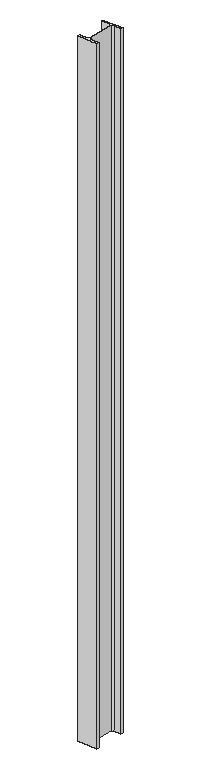
Revit family
Parameters (values of type "UB127x76x13")
  Column Material [instance] = Metal - Steel - 345 MPa
  Assembly Code = ""
  A = 0.002 m²
  W = 0.12749
  bf = 76.2 mm
  d = 127 mm
  k = 15.2 mm
  kr = k - tf  # 7.6 mm
  tf = 7.6 mm
  tw = 4.2 mm
Reference planes
  plane 1: y = 0
  plane 2: z = 0
  plane 3: x = 0
  plane 4: x = -38.1
  plane 5: x = 38.1
  plane 6: y = 63.5
  plane 7: y = -63.5
  plane 8: x = -3.969
  plane 9: x = 3.969
Forms (mm)
  Extrusion 1, solid, material "Metal - Steel - 345 MPa" <- "Column Material", detail levels medium
    sketch origin (0, 0, 0) x (1, 0, 0) y (0, 1, 0)
      loop
        line (-38.1, 63.5) -> (-38.1, 55.9) -> (-2.1, 55.9) -> (-2.1, -55.9) -> (-38.1, -55.9) -> (-38.1, -63.5) -> (38.1, -63.5) -> (38.1, -55.9) -> (2.1, -55.9) -> (2.1, 55.9) -> (38.1, 55.9) -> (38.1, 63.5) -> (-38.1, 63.5)
    from 0 to 2500
  Extrusion 2, solid, material "Metal - Steel - 345 MPa" <- "Column Material", detail levels fine
    sketch origin (0, 0, 0) x (1, 0, 0) y (0, 1, 0)
      loop
        line (-38.1, 63.5) -> (-38.1, 55.9) -> (-9.7, 55.9)
        arc (-9.7, 55.9) -> (-4.326, 53.674) -> (-2.1, 48.3) r 7.6
        line (-2.1, 48.3) -> (-2.1, -48.3)
        arc (-2.1, -48.3) -> (-4.326, -53.674) -> (-9.7, -55.9) r 7.6
        line (-9.7, -55.9) -> (-38.1, -55.9) -> (-38.1, -63.5) -> (38.1, -63.5) -> (38.1, -55.9) -> (9.7, -55.9)
        arc (9.7, -55.9) -> (4.326, -53.674) -> (2.1, -48.3) r 7.6
        line (2.1, -48.3) -> (2.1, 48.3)
        arc (2.1, 48.3) -> (4.326, 53.674) -> (9.7, 55.9) r 7.6
        line (9.7, 55.9) -> (38.1, 55.9) -> (38.1, 63.5) -> (-38.1, 63.5)
    from 0 to 2500
Lines and regions (mm)
  symbolic lines, style "StructuralColumnStickSymbols", detail levels coarse
    curve 1: line (-38.1, 63.5, 0) -> (38.1, 63.5, 0)
    curve 2: line (-38.1, -63.5, 0) -> (38.1, -63.5, 0)
    curve 3: line (0, 63.5, 0) -> (0, -63.5, 0)
  symbolic lines, style "Hidden Faces", detail levels medium+fine
    curve 4: line (-3.969, 0, 0) -> (-3.969, 0, 2500)
    curve 5: line (3.969, 0, 2500) -> (3.969, 0, 0)
Dimensions and locks
  equal spacing: plane 4, plane 3, plane 5
  equal spacing: plane 7, plane 1, plane 6
  "d": plane 7 to plane 6
  "bf": plane 4 to plane 5
  "tf": plane 7 to Extrusion 1 sketch curve
  "tf": Extrusion 1 sketch curve to plane 6
  equal spacing: Extrusion 1 sketch curve, plane 3, Extrusion 1 sketch curve
  "tw": Extrusion 1 sketch curve to Extrusion 1 sketch curve
  "kr": radius of Extrusion 2 sketch curve  (x4)
  aligned and locked: plane 6 to Extrusion 1 sketch curve
  aligned and locked: Extrusion 1 sketch curve to plane 7
  aligned and locked: Extrusion 1 sketch curve to plane 4  (x2)
  aligned and locked: plane 5 to Extrusion 1 sketch curve  (x2)
  aligned and locked: Extrusion 1 sketch curve to Extrusion 1 sketch curve  (x2)
  aligned and locked: level to Extrusion 1
  aligned and locked: level to plane 2
  aligned and locked: Extrusion 1 to plane 2
  aligned and locked: plane 6 to Extrusion 2 sketch curve
  aligned and locked: plane 5 to Extrusion 2 sketch curve  (x2)
  aligned and locked: Extrusion 2 sketch curve to plane 4  (x2)
  aligned and locked: Extrusion 2 sketch curve to Extrusion 1  (x6)
  aligned and locked: Extrusion 2 sketch curve to plane 7
  aligned and locked: level to Extrusion 2
  aligned and locked: Extrusion 2 to level
Automatic sketch dimensions
  curve 2 to plane 4 = 0 mm
  curve 1 to plane 4 = 0 mm
  curve 3 to plane 3 = 0 mm
  curve 2 to plane 5 = 0 mm
  curve 1 to plane 5 = 0 mm
  curve 3 to plane 7 = 0 mm
  curve 3 to plane 6 = 0 mm
  curve 4 to level = 0 mm  (x2)
  curve 4 to plane 8 = 0 mm
  curve 5 to level = 0 mm  (x2)
  curve 5 to plane 9 = 0 mm
